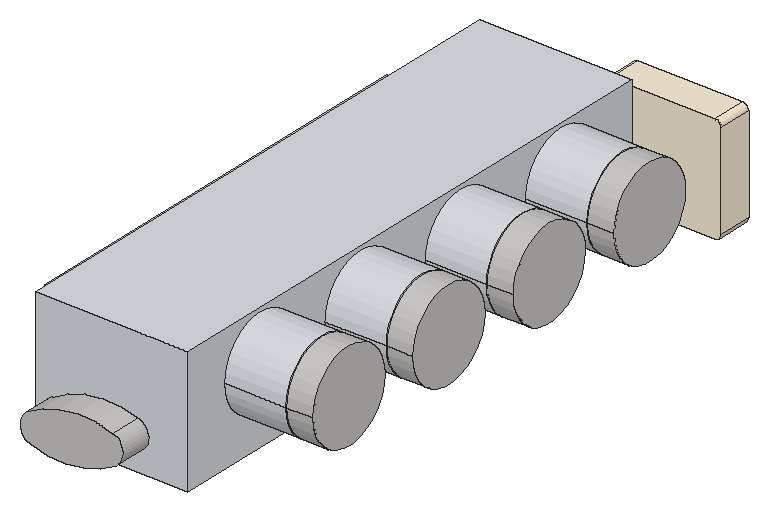
Revit family "HVAC_Ductwork_Airzone_Motorized-Plenum_Kaysun_Low-Profile_4-Dampers", category Mechanical Equipment, Revit 2016
Family settings
  Part Type = Normal
  Round Connector Dimension = Use Diameter
  OmniClass Number = 23.75.70.14
  OmniClass Title = Air Ductwork
  Work Plane-Based = No
  Always vertical = Yes
  Cut with Voids When Loaded = No
  Shared = No
  Room Calculation Point = No
Parameters (values of type "KAYSL01M4")
  Voltage = 230 V
  URL = "www.airzone.es"
  Type Image Comments = "Image available in product documentation download"  # constant formula
  Revit Model Version = "1.0"  # constant formula
  Revit Model Author URL = "www.a3d.es"
  Revit Model Author = "A3D Consulting"  # constant formula
  Product Documentation Download URL = "http://doc.airzone.es/BIM/Easyzone/Kaysun-Airzone_motorized_plenum.zip"
  Product Comments = "Refer to technical documentation for further details"  # constant formula
  Power Factor = 1
  Neck Width = 716.600 mm
  Neck Length = 40.000 mm
  Neck Height = 122.600 mm
  Material = Metal - AIRZONE - Galvanized Sheet - Semi-polished
  Main Control Board Material = Plastic - AIRZONE - Smooth - Off-white
  Load Classification = Other
  Insulated Body Width = 255.000 mm  # constant formula
  Insulated Body Material = Metal -AIRZONE - Insulating Lining -Aluminum Finish
  Insulated Body Length = 930.000 mm  # constant formula
  Insulated Body Height = 210.000 mm  # constant formula
  Flow [instance] = Damper 4 Air Flow + Damper 3 Air Flow + Damper 2 Air Flow + Damper 1 Air Flow - Fresh Air Inlet 2 Flow - Fresh Air Inlet 1 Flow  # 1200 m³/h
  Fresh Air Inlet 1 Flow [instance] = 0 m³/h
  Fresh Air Inlet 2 Flow [instance] = 0 m³/h
  Fresh Air Inlet Connection Width = 175.000 mm
  Fresh Air Inlet Connection Height = 75.000 mm
  Model = "KAISL01M4"
  Neck Side Offset = 145.200 mm
  Neck Bottom Offset = 54.200 mm
  Type Image = <None>
  Manufacturer = "AIRZONE"  # constant formula
  Main Control Board Depth = 57.000 mm  # constant formula
  Main Control Board Width = 195.000 mm  # constant formula
  Main Control Board Height = 180.000 mm  # constant formula
  Fixing = ""
  Disclaimer = "All information provided in this model is reviewed before being published. However, Airzone cannot guarantee this model is error-free, therefore users are strongly encouraged to check for technical documentation and updates"  # constant formula
  Description = "Airzone low profile motorized plenum with neck that mechanically adapts to the main ducted AC units of Kaysun."
  Type Comments = ""
  Dampers Length = 149.000 mm  # constant formula
  Dampers Diameter = 150.000 mm  # constant formula
  Damper 4 Air Flow [instance] = 300 m³/h
  Damper 1 Air Flow [instance] = 300 m³/h
  Damper 2 Air Flow [instance] = 300 m³/h
  Damper 3 Air Flow [instance] = 300 m³/h
  Fresh Air Inlet Connection Offset Height = 48.305 mm  # constant formula
  Compatible Accesories = ""
  Apparent Load = 57.5 VA
Reference planes
  plane 1 "Center (Front/Back)": y = 0
  plane 2 "Center (Elevation)": z = 0
  plane 3 "Center (Left/Right)": x = 0
  plane 4 "Neck Back": y = 358.3
  plane 5 "Neck Front": y = -358.3
  plane 6 "Neck Top": z = 61.3
  plane 7 "Neck Bottom": z = -61.3
  plane 8 "Left": x = 40
  plane 9 "Bottom": z = -115.5
  plane 10 "Top": z = 94.5
  plane 11 "Front": y = -426.5
  plane 12 "Back": y = 503.5
  plane 13 "Right": x = 295
  plane 14 "Dampers Front": x = 444
  plane 15 "Dampers Center (Elevation)": z = 14.5
  plane 16 "Damper3": y = -66.5
  plane 17 "Damper2": y = 143.5
  plane 18 "Damper1": y = 353.5
  plane 19 "Middle": y = 38.5
  plane 20 "FreshAir Center (Elevation)": z = -67.195
  plane 21 "FreshAir1": y = 556
  plane 22 "FreshAir2": y = -479
  plane 23 "Dampers Lining": x = 399
  plane 24 "FreshAir Vertical Axis": x = 142.04
  plane 25 "ConnectionBox Side": x = 249
  plane 26 "Main Control Board Center (Left/Right)": x = 346.5
  plane 27 "Damper4": y = -276.5
Forms (mm)
  Extrusion 1, solid, material "Metal - AIRZONE - Galvanized Sheet - Semi-polished" <- "Material"
    sketch origin (0, 0, 0) x (0, 1, 0) y (0, 0, 1)
      loop
        line (-358.3, 61.3) -> (-358.3, -61.3) -> (358.3, -61.3) -> (358.3, 61.3) -> (-358.3, 61.3)
    from 0 to 40
  Extrusion 2, solid, material "Metal -AIRZONE - Insulating Lining -Aluminum Finish" <- "Insulated Body Material"
    sketch origin (40, 0, 0) x (0, 1, 0) y (0, 0, 1)
      loop
        line (-426.5, 94.5) -> (-426.5, -115.5) -> (503.5, -115.5) -> (503.5, 94.5) -> (-426.5, 94.5)
    from 0 to 255
  Extrusion 3, solid, material "Metal - AIRZONE - Galvanized Sheet - Semi-polished" <- "Material"
    sketch origin (295, 0, 0) x (0, 1, 0) y (0, 0, 1)
      loop
        circle (-66.5, 14.5) r 75
    from 104 to 149
  Extrusion 4, solid, material "Metal - AIRZONE - Galvanized Sheet - Semi-polished" <- "Material"
    sketch origin (295, 0, 0) x (0, 1, 0) y (0, 0, 1)
      loop
        circle (143.5, 14.5) r 75
    from 104 to 149
  Extrusion 5, solid, material "Metal - AIRZONE - Galvanized Sheet - Semi-polished" <- "Material"
    sketch origin (295, 0, 0) x (0, 1, 0) y (0, 0, 1)
      loop
        circle (353.5, 14.5) r 75
    from 104 to 149
  Extrusion 6, solid, material "Metal - AIRZONE - Galvanized Sheet - Semi-polished" <- "Material"
    sketch origin (0, -426.5, 0) x (0, 0, 1) y (1, 0, 0)
      loop
        arc (-34.641, 211.414) -> (-56.108, 228.315) -> (-80.812, 216.644) r 25.96
        arc (-80.812, 216.644) -> (-106.802, 146.808) -> (-99.349, 72.666) r 164.67
        arc (-99.349, 72.666) -> (-78.165, 55.799) -> (-53.494, 66.961) r 25.96
        arc (-53.494, 66.961) -> (-27.225, 136.99) -> (-34.641, 211.414) r 164.67
    from 0 to -52.5
  Extrusion 7, solid, material "Metal - AIRZONE - Galvanized Sheet - Semi-polished" <- "Material"
    sketch origin (0, 503.5, 0) x (0, 0, 1) y (1, 0, 0)
      loop
        arc (-34.641, 211.414) -> (-55.825, 228.281) -> (-80.496, 217.119) r 25.96
        arc (-80.496, 217.119) -> (-106.679, 147.74) -> (-99.767, 73.909) r 164.67
        arc (-99.767, 73.909) -> (-78.532, 55.847) -> (-53.178, 67.436) r 25.96
        arc (-53.178, 67.436) -> (-27.188, 137.272) -> (-34.641, 211.414) r 164.67
    from 0 to 52.5
  Extrusion 8, solid, material "Metal -AIRZONE - Insulating Lining -Aluminum Finish" <- "Insulated Body Material"
    sketch origin (295, 0, 0) x (0, 1, 0) y (0, 0, 1)
      loop
        circle (353.5, 14.5) r 75
    from 0 to 104
  Extrusion 9, solid, material "Metal -AIRZONE - Insulating Lining -Aluminum Finish" <- "Insulated Body Material"
    sketch origin (295, -260, 0) x (0, 1, 0) y (0, 0, 1)
      loop
        circle (403.5, 14.5) r 75
    from 0 to 104
  Extrusion 10, solid, material "Metal -AIRZONE - Insulating Lining -Aluminum Finish" <- "Insulated Body Material"
    sketch origin (295, -520, 0) x (0, 1, 0) y (0, 0, 1)
      loop
        circle (453.5, 14.5) r 75
    from 0 to 104
  Extrusion 11, solid, material "Metal - AIRZONE - Galvanized Sheet - Semi-polished" <- "Material"
    sketch origin (295, -190, 0) x (0, 1, 0) y (0, 0, 1)
      loop
        circle (-86.5, 14.5) r 75
    from 104 to 149
  Extrusion 12, solid, material "Metal -AIRZONE - Insulating Lining -Aluminum Finish" <- "Insulated Body Material"
    sketch origin (295, -710, 0) x (0, 1, 0) y (0, 0, 1)
      loop
        circle (433.5, 14.5) r 75
    from 0 to 104
Lines and regions (mm)
  Masking region 1
    outline origin (0, 0, 0) x (1, 0, 0) y (0, 1, 0)
      loop
        line (40, 503.5) -> (40, -426.5) -> (295, -426.5) -> (295, 503.5) -> (40, 503.5)
  Masking region 2, detail levels medium+fine
    outline origin (0, 0, 0) x (1, 0, 0) y (0, 1, 0)
      loop
        line (0, 358.3) -> (0, -358.3) -> (40, -358.3) -> (40, 358.3) -> (0, 358.3)
  Masking region 3, detail levels medium+fine
    outline origin (0, 0, 0) x (1, 0, 0) y (0, 1, 0)
      loop
        line (295, 8.5) -> (295, -141.5) -> (444, -141.5) -> (444, 8.5) -> (295, 8.5)
  Masking region 4, detail levels medium+fine
    outline origin (0, 260, 0) x (1, 0, 0) y (0, 1, 0)
      loop
        line (295, -41.5) -> (295, -191.5) -> (444, -191.5) -> (444, -41.5) -> (295, -41.5)
  Masking region 5, detail levels medium+fine
    outline origin (0, 520, 0) x (1, 0, 0) y (0, 1, 0)
      loop
        line (295, -91.5) -> (295, -241.5) -> (444, -241.5) -> (444, -91.5) -> (295, -91.5)
  Masking region 6, detail levels medium+fine
    outline origin (0, 0, -67.195) x (1, 0, 0) y (0, 1, 0)
      loop
        line (54.54, 556) -> (54.54, 503.5) -> (229.54, 503.5) -> (229.54, 556) -> (54.54, 556)
  Masking region 7, detail levels medium+fine
    outline origin (0, 0, -67.195) x (1, 0, 0) y (0, 1, 0)
      loop
        line (54.54, -426.5) -> (54.54, -479) -> (229.54, -479) -> (229.54, -426.5) -> (54.54, -426.5)
  Masking region 8, detail levels medium+fine
    outline origin (0, 0, 94.5) x (0, -1, 0) y (1, 0, 0)
      loop
        line (-560.5, 249) -> (-503.5, 249) -> (-503.5, 444) -> (-560.5, 444) -> (-560.5, 249)
  Masking region 9, detail levels medium+fine
    outline origin (0, -190, 0) x (1, 0, 0) y (0, 1, 0)
      loop
        line (295, -11.5) -> (295, -161.5) -> (444, -161.5) -> (444, -11.5) -> (295, -11.5)
  symbolic lines, detail levels coarse
    curve 1: line (40, -426.5, 0) -> (295, 38.5, 0)
    curve 2: line (295, 38.5, 0) -> (40, 503.5, 0)
Dimensions and locks
  equal spacing: plane 4 "Neck Back", plane 1 "Center (Front/Back)", plane 5 "Neck Front"
  "Neck Width": plane 4 "Neck Back" to plane 5 "Neck Front"
  equal spacing: plane 6 "Neck Top", level, plane 7 "Neck Bottom"
  "Neck Height": plane 6 "Neck Top" to plane 7 "Neck Bottom"
  "Neck Length": plane 3 "Center (Left/Right)" to plane 8 "Left"
  "Neck Bottom Offset": plane 7 "Neck Bottom" to plane 9 "Bottom"
  "Insulated Body Height": plane 10 "Top" to plane 9 "Bottom"
  "Insulated Body Length": plane 12 "Back" to plane 11 "Front"
  "Insulated Body Width": plane 8 "Left" to plane 13 "Right"
  "Dampers Length": plane 13 "Right" to plane 14 "Dampers Front"
  equal spacing: plane 12 "Back", plane 19 "Middle", plane 11 "Front"
  plane 8 "Left" to plane 13 "Right" = 255.000 mm
  "Fresh Air Inlet Connection Offset Height": plane 20 "FreshAir Center (Elevation)" to plane 9 "Bottom"
  locked: Extrusion 6 sketch curve to plane 9 "Bottom" at 56.47
  locked: Extrusion 6 sketch curve to plane 8 "Left" at 162.52
  locked: Extrusion 6 sketch curve to plane 8 "Left" at 41.56
  locked: Extrusion 6 sketch curve to plane 9 "Bottom" at 40.54
  locked: Extrusion 6 sketch curve to plane 8 "Left" at 118.3
  locked: plane 9 "Bottom" to Extrusion 6 sketch curve at 75.01
  locked: Extrusion 6 sketch curve to plane 8 "Left" at 85.78
  locked: Extrusion 6 sketch curve to plane 9 "Bottom" at 172.02
  locked: Extrusion 7 sketch curve to plane 8 "Left" at 162.52
  locked: Extrusion 7 sketch curve to plane 9 "Bottom" at 56.47
  locked: Extrusion 7 sketch curve to plane 9 "Bottom" at 40.54
  locked: Extrusion 7 sketch curve to plane 8 "Left" at 41.56
  locked: Extrusion 7 sketch curve to plane 8 "Left" at 85.78
  locked: Extrusion 7 sketch curve to plane 9 "Bottom" at 172.02
  locked: plane 9 "Bottom" to Extrusion 7 sketch curve at 75.01
  locked: Extrusion 7 sketch curve to plane 8 "Left" at 118.3
  "Neck Side Offset": plane 12 "Back" to plane 4 "Neck Back"
  locked: plane 21 "FreshAir1" to plane 12 "Back" at 52.5
  plane 11 "Front" to plane 22 "FreshAir2" = 52.500 mm
  locked: plane 20 "FreshAir Center (Elevation)" to connector elem
  locked: connector elem to plane 20 "FreshAir Center (Elevation)"
  locked: plane 23 "Dampers Lining" to plane 14 "Dampers Front" at 45
  locked: plane 8 "Left" to plane 24 "FreshAir Vertical Axis" at 102.04
  equal spacing: Masking region 3 sketch curve, plane 16 "Damper3", Masking region 3 sketch curve
  "Dampers Diameter": Masking region 3 sketch curve to Masking region 3 sketch curve
  "Dampers Diameter": Masking region 4 sketch curve to Masking region 4 sketch curve
  equal spacing: Masking region 5 sketch curve, plane 18 "Damper1", Masking region 5 sketch curve
  "Dampers Diameter": Masking region 5 sketch curve to Masking region 5 sketch curve
  equal spacing: Masking region 6 sketch curve, plane 24 "FreshAir Vertical Axis", Masking region 6 sketch curve
  "Fresh Air Inlet Connection Width": Masking region 6 sketch curve to Masking region 6 sketch curve
  equal spacing: Masking region 7 sketch curve, plane 24 "FreshAir Vertical Axis", Masking region 7 sketch curve
  "Fresh Air Inlet Connection Width": Masking region 7 sketch curve to Masking region 7 sketch curve
  "Main Control Board Depth": Masking region 8 sketch curve to plane 12 "Back"
  "Main Control Board Width": plane 25 "ConnectionBox Side" to plane 14 "Dampers Front"
  equal spacing: plane 25 "ConnectionBox Side", plane 26 "Main Control Board Center (Left/Right)", plane 14 "Dampers Front"
  locked: nested 1 to plane 10 "Top" at 10
  equal spacing: Masking region 4 sketch curve, plane 17 "Damper2", Masking region 4 sketch curve
  equal spacing: Masking region 9 sketch curve, plane 27 "Damper4", Masking region 9 sketch curve
  "Dampers Diameter": Masking region 9 sketch curve to Masking region 9 sketch curve
  plane 18 "Damper1" to plane 17 "Damper2" to plane 16 "Damper3" to plane 27 "Damper4" = 210.000 mm locked, 210.000 mm locked, 210.000 mm locked
  locked: plane 17 "Damper2" to plane 19 "Middle" at 105
  locked: plane 24 "FreshAir Vertical Axis" to connector elem
  locked: connector elem to plane 24 "FreshAir Vertical Axis"
  locked: plane 10 "Top" to plane 15 "Dampers Center (Elevation)" at 80
  "Dampers Diameter": diameter of Extrusion 3 sketch curve
  "Dampers Diameter": diameter of Extrusion 4 sketch curve
  "Dampers Diameter": diameter of Extrusion 5 sketch curve
  radius of Extrusion 7 sketch curve = 164.670 mm  (x2)
  radius of Extrusion 7 sketch curve = 25.960 mm  (x2)
  radius of Extrusion 6 sketch curve = 164.670 mm  (x2)
  radius of Extrusion 6 sketch curve = 25.960 mm  (x2)
  "Dampers Diameter": diameter of Extrusion 8 sketch curve
  "Dampers Diameter": diameter of Extrusion 9 sketch curve
  "Dampers Diameter": diameter of Extrusion 10 sketch curve
  "Dampers Diameter": diameter of Extrusion 11 sketch curve
  "Dampers Diameter": diameter of Extrusion 12 sketch curve
  aligned and locked: level to plane 2 "Center (Elevation)"
  aligned and locked: plane 5 "Neck Front" to Extrusion 1 sketch curve
  aligned and locked: Extrusion 1 sketch curve to plane 6 "Neck Top"
  aligned and locked: Extrusion 1 sketch curve to plane 4 "Neck Back"
  aligned and locked: plane 7 "Neck Bottom" to Extrusion 1 sketch curve
  aligned and locked: Extrusion 1 to plane 3 "Center (Left/Right)"
  aligned and locked: Extrusion 2 sketch curve to plane 10 "Top"
  aligned and locked: Extrusion 2 sketch curve to plane 12 "Back"
  aligned and locked: plane 9 "Bottom" to Extrusion 2 sketch curve
  aligned and locked: plane 11 "Front" to Extrusion 2 sketch curve
  aligned and locked: plane 13 "Right" to Extrusion 2
  aligned and locked: Extrusion 2 to plane 8 "Left"
  aligned and locked: plane 16 "Damper3" to Extrusion 3 sketch curve
  aligned and locked: plane 15 "Dampers Center (Elevation)" to Extrusion 3 sketch curve
  aligned and locked: plane 15 "Dampers Center (Elevation)" to Extrusion 4 sketch curve
  aligned and locked: plane 18 "Damper1" to Extrusion 5 sketch curve
  aligned and locked: plane 15 "Dampers Center (Elevation)" to Extrusion 5 sketch curve
  aligned and locked: plane 14 "Dampers Front" to Extrusion 5
  aligned and locked: plane 14 "Dampers Front" to Extrusion 4
  aligned and locked: plane 14 "Dampers Front" to Extrusion 3
  aligned and locked: plane 8 "Left" to Extrusion 1
  aligned and locked: plane 22 "FreshAir2" to Extrusion 6
  aligned and locked: plane 21 "FreshAir1" to Extrusion 7
  aligned and locked: Extrusion 7 to plane 12 "Back"
  aligned and locked: plane 11 "Front" to Extrusion 6
  aligned and locked: Extrusion 5 to plane 23 "Dampers Lining"
  aligned and locked: Extrusion 5 to Extrusion 4
  aligned and locked: Extrusion 4 to Extrusion 3
  aligned and locked: plane 23 "Dampers Lining" to Extrusion 8
  aligned and locked: Extrusion 10 to plane 13 "Right"
  aligned and locked: plane 23 "Dampers Lining" to Extrusion 10
  aligned and locked: Extrusion 9 to plane 13 "Right"
  aligned and locked: plane 23 "Dampers Lining" to Extrusion 9
  aligned and locked: Extrusion 8 to plane 13 "Right"
  aligned and locked: Extrusion 9 to Extrusion 8
  aligned and locked: plane 18 "Damper1" to Extrusion 8 sketch curve
  aligned and locked: plane 15 "Dampers Center (Elevation)" to Extrusion 8 sketch curve
  aligned and locked: plane 15 "Dampers Center (Elevation)" to Extrusion 9 sketch curve
  aligned and locked: plane 16 "Damper3" to Extrusion 10 sketch curve
  aligned and locked: plane 15 "Dampers Center (Elevation)" to Extrusion 10 sketch curve
  aligned and locked: Masking region 1 sketch curve to plane 12 "Back"
  aligned and locked: plane 8 "Left" to Masking region 1 sketch curve
  aligned and locked: Masking region 1 sketch curve to plane 13 "Right"
  aligned and locked: plane 11 "Front" to Masking region 1 sketch curve
  aligned and locked: plane 5 "Neck Front" to Masking region 2 sketch curve
  aligned and locked: plane 3 "Center (Left/Right)" to Masking region 2 sketch curve
  aligned and locked: Masking region 2 sketch curve to plane 4 "Neck Back"
  aligned and locked: Masking region 2 sketch curve to plane 8 "Left"
  aligned and locked: plane 13 "Right" to Masking region 3 sketch curve
  aligned and locked: Masking region 3 sketch curve to plane 14 "Dampers Front"
  aligned and locked: plane 13 "Right" to Masking region 4 sketch curve
  aligned and locked: Masking region 4 sketch curve to plane 14 "Dampers Front"
  aligned and locked: plane 13 "Right" to Masking region 5 sketch curve
  aligned and locked: Masking region 5 sketch curve to plane 14 "Dampers Front"
  aligned and locked: plane 12 "Back" to Masking region 6 sketch curve
  aligned and locked: Masking region 6 sketch curve to plane 21 "FreshAir1"
  aligned and locked: Masking region 7 sketch curve to plane 11 "Front"
  aligned and locked: Masking region 7 sketch curve to plane 22 "FreshAir2"
  aligned and locked: plane 12 "Back" to Masking region 8 sketch curve
  aligned and locked: Masking region 8 sketch curve to plane 14 "Dampers Front"
  aligned and locked: plane 25 "ConnectionBox Side" to Masking region 8 sketch curve
  aligned and locked: plane 17 "Damper2" to Extrusion 9 sketch curve
  aligned and locked: plane 17 "Damper2" to Extrusion 4 sketch curve
  aligned and locked: Masking region 9 sketch curve to plane 14 "Dampers Front"
  aligned and locked: plane 13 "Right" to Masking region 9 sketch curve
  aligned and locked: Extrusion 12 to plane 13 "Right"
  aligned and locked: plane 23 "Dampers Lining" to Extrusion 12
  aligned and locked: Extrusion 11 to plane 23 "Dampers Lining"
  aligned and locked: plane 14 "Dampers Front" to Extrusion 11
  aligned and locked: plane 15 "Dampers Center (Elevation)" to Extrusion 12 sketch curve
  aligned and locked: plane 27 "Damper4" to Extrusion 12 sketch curve
  aligned and locked: plane 15 "Dampers Center (Elevation)" to Extrusion 11 sketch curve
  aligned and locked: plane 27 "Damper4" to Extrusion 11 sketch curve
  aligned and locked: nested 1 to plane 26 "Main Control Board Center (Left/Right)"
Automatic sketch dimensions
  curve 2 to plane 8 "Left" = 0.000 mm
  curve 1 to plane 8 "Left" = 0.000 mm
  curve 2 to plane 13 "Right" = 0.000 mm
  curve 1 to plane 11 "Front" = 0.000 mm
  curve 2 to plane 19 "Middle" = 0.000 mm
  curve 2 to plane 12 "Back" = 0.000 mm
Nested families
  nested 1: "Airzone_Main-Control-Board" at (346.5, 503.5, -5.5) x (-1, 0, 0) z (0, 1, 0), Extrusion <- "Main Control Board Depth", Height <- "Main Control Board Height", Width <- "Main Control Board Width", Material <- "Main Control Board Material", type "Standard"
    with Width 195.000 mm, Material Plastic - AIRZONE - Smooth - Off-white, Height 180.000 mm, Extrusion 57.000 mm
Connectors
  hvac at (444, -66.5, 14.5), driven by "Damper 3 Air Flow", driven by "Dampers Diameter"
    settings: on Extrusion 3, index 1, duct flow 300 m³/h, flow factor 0, pres drop 0.0 Pa, loss coef 0, conn angle 0.00°, conn width 304.8 mm, conn height 304.8 mm, conn diameter 150 mm, duct sys type 1, conn prof type 0, flow config 0, flow direction 2, loss method 0, conn ref index -1, conn util no, is conn primary no, conn desc "Supply Air Out 3"
  hvac at (444, 143.5, 14.5), driven by "Damper 2 Air Flow", driven by "Dampers Diameter"
    settings: on Extrusion 4, index 2, duct flow 300 m³/h, flow factor 0, pres drop 0.0 Pa, loss coef 0, conn angle 0.00°, conn width 304.8 mm, conn height 304.8 mm, conn diameter 150 mm, duct sys type 1, conn prof type 0, flow config 0, flow direction 2, loss method 0, conn ref index -1, conn util no, is conn primary no, conn desc "Supply Air Out 2"
  hvac at (444, 353.5, 14.5), driven by "Damper 1 Air Flow", driven by "Dampers Diameter"
    settings: on Extrusion 5, index 3, duct flow 300 m³/h, flow factor 0, pres drop 0.0 Pa, loss coef 0, conn angle 0.00°, conn width 304.8 mm, conn height 304.8 mm, conn diameter 150 mm, duct sys type 1, conn prof type 0, flow config 0, flow direction 2, loss method 0, conn ref index -1, conn util no, is conn primary no, conn desc "Supply Air Out 1"
  hvac at (0, 0, 0), driven by "Flow", driven by "Neck Height", driven by "Neck Width"
    settings: on Extrusion 1, index 6, duct flow 1200 m³/h, flow factor 0, pres drop 0.0 Pa, loss coef 0, conn angle 0.00°, conn width 716.6 mm, conn height 122.6 mm, conn diameter 609.6 mm, duct sys type 1, conn prof type 1, flow config 1, flow direction 1, loss method 0, conn ref index -1, conn util no, is conn primary yes, conn desc "Supply Air In"
  hvac at (142.04, -479, -67.195), driven by "Fresh Air Inlet 2 Flow", driven by "Fresh Air Inlet Connection Width", driven by "Fresh Air Inlet Connection Height"
    settings: index 7, duct flow 0 m³/h, flow factor 0, pres drop 0.0 Pa, loss coef 0, conn angle 0.00°, conn width 175 mm, conn height 75 mm, conn diameter 609.6 mm, duct sys type 1, conn prof type 2, flow config 1, flow direction 1, loss method 0, conn ref index -1, conn util no, is conn primary no, conn desc "Fresh Air In 2"
  hvac at (142.04, 556, -67.195), driven by "Fresh Air Inlet 1 Flow", driven by "Fresh Air Inlet Connection Height", driven by "Fresh Air Inlet Connection Width"
    settings: index 8, duct flow 0 m³/h, flow factor 0, pres drop 0.0 Pa, loss coef 0, conn angle 0.00°, conn width 175 mm, conn height 75 mm, conn diameter 609.6 mm, duct sys type 1, conn prof type 2, flow config 1, flow direction 1, loss method 0, conn ref index -1, conn util no, is conn primary no, conn desc "Fresh Air In 1"
  hvac at (444, -276.5, 14.5), driven by "Damper 4 Air Flow", driven by "Dampers Diameter"
    settings: on Extrusion 11, index 9, duct flow 300 m³/h, flow factor 0, pres drop 0.0 Pa, loss coef 0, conn angle 0.00°, conn width 304.8 mm, conn height 304.8 mm, conn diameter 150 mm, duct sys type 1, conn prof type 0, flow config 0, flow direction 2, loss method 0, conn ref index -1, conn util no, is conn primary no, conn desc "Supply Air Out 4"
  electrical at (346.5, 560.5, -5.5), driven by "Load Classification", driven by "Voltage", driven by "Apparent Load", driven by "Power Factor"
    settings: on nested 1, index 10, voltage 230 V, apparent load 57.5 VA, apparent load phase1 0 VA, apparent load phase2 0 VA, apparent load phase3 0 VA, power factor 1, load classification "Other", number of poles 1, system type 30, power factor state 1, is connector primary yes, connector utility no, sub classification motor no, connector description "Power Supply"
Definition of nested family "Airzone_Main-Control-Board"
  Parameters (values of type "Standard")
    Width [instance] = 195.000 mm
    URL = "www.airzone.es"
    Revit Model Version = "1.0"  # constant formula
    Revit Model Author URL = "www.a3d.es"
    Revit Model Author = "A3D Consulting"  # constant formula
    Material [instance] = none
    Manufacturer = "AIRZONE"  # constant formula
    Height [instance] = 180.000 mm
    Extrusion [instance] = 57.000 mm
    Default Elevation = 0.000 mm
  Reference planes
    plane 1 "Center (Front/Back)": y = 0
    plane 2: z = 0
    plane 3 "Center (Left/Right)": x = 0
    plane 4: y = 90
    plane 5: y = -90
    plane 6: x = 97.5
    plane 7: x = -97.5
  Forms (mm)
    Extrusion 1, solid, material <- "Material"
      sketch origin (0, 0, 0) x (1, 0, 0) y (0, 1, 0)
        loop
          arc (-87.5, 90) -> (-94.571, 87.071) -> (-97.5, 80) r 10
          line (-97.5, 80) -> (-97.5, -80)
          arc (-97.5, -80) -> (-94.571, -87.071) -> (-87.5, -90) r 10
          line (-87.5, -90) -> (87.5, -90)
          arc (87.5, -90) -> (94.571, -87.071) -> (97.5, -80) r 10
          line (97.5, -80) -> (97.5, 80)
          arc (97.5, 80) -> (94.571, 87.071) -> (87.5, 90) r 10
          line (87.5, 90) -> (-87.5, 90)
      from 0 to 57 <- "Extrusion"
  Dimensions and locks
    equal spacing: plane 7, plane 3 "Center (Left/Right)", plane 6
    equal spacing: plane 4, plane 1 "Center (Front/Back)", plane 5
    "Width": plane 7 to plane 6
    "Height": plane 4 to plane 5
    radius of Extrusion 1 sketch curve = 10.000 mm  (x4)
    aligned and locked: level to plane 2
    aligned and locked: plane 5 to Extrusion 1 sketch curve
    aligned and locked: Extrusion 1 sketch curve to plane 6
    aligned and locked: Extrusion 1 sketch curve to plane 4
    aligned and locked: plane 7 to Extrusion 1 sketch curve
